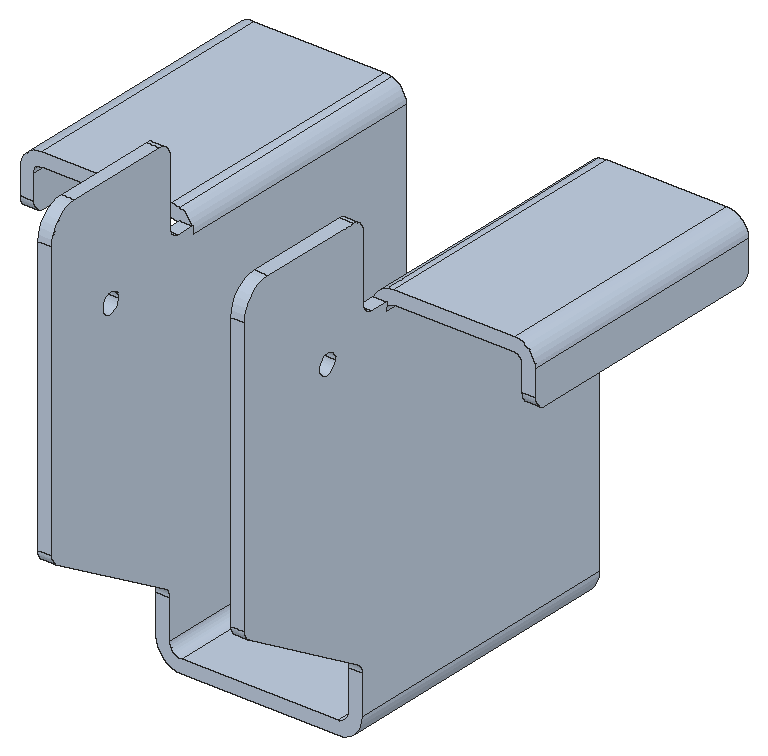
Revit family "HNDS", category 機械設備, Revit 2020
Family settings
  丸型コネクタ寸法 = 直径を使用
  種別 = なし
  パーツ タイプ = 標準
  作業面ベース = いいえ
  常に垂直 = はい
  ロード時にボイドで切り取り = いいえ
  共有 = はい
  部屋計算ポイント = いいえ
Parameters (values of type "ﾊﾈﾀﾞｼｻﾎﾟｰﾄ　C65用")
  ﾊﾈﾀﾞｼｻﾎﾟｰﾄ ﾏﾃﾘｱﾙ [instance] = 溶融亜鉛メッキ
  製造元 = "株式会社サンユー"
  既定の高さ = 0 mm
  W = 30.4 mm
  URL = "http://www.3you.co.jp/"
  H = 65 mm
Types (4, lengths in mm): name | W | H
  (no name) | 30.4 | 65
  ﾊﾈﾀﾞｼｻﾎﾟｰﾄ　C65用 | 30.4 | 65
  ﾊﾈﾀﾞｼｻﾎﾟｰﾄ　C75用 | 45.4 | 75
  ﾊﾈﾀﾞｼｻﾎﾟｰﾄ　C100用 | 50.4 | 100
Reference planes
  plane 1 "中心(正面/背面)": y = 0
  plane 2: z = 0
  plane 3 "中心(左/右)": x = 0
  plane 4: x = -15.2
  plane 5: x = 15.2
  plane 6: x = -44.5
  plane 7: x = 42.8
  plane 8: z = -2.3
  plane 9: z = -56.432
  plane 10: z = -65
  plane 11: z = -67.3
  plane 12: x = -42.2
  plane 13: x = -17.5
  plane 14: x = 17.5
  plane 15: x = 40.5
  plane 16: y = 25
Forms (mm)
  Extrusion 1, solid, material "溶融亜鉛メッキ" <- "ﾊﾈﾀﾞｼｻﾎﾟｰﾄ ﾏﾃﾘｱﾙ"
    sketch origin (0, 0, 0) x (1, 0, 0) y (0, 0, 1)
      loop
        arc (39.2, -2.3) -> (40.119, -2.681) -> (40.5, -3.6) r 1.3
        line (40.5, -3.6) -> (40.5, -10) -> (42.8, -10) -> (42.8, -3.6)
        arc (42.8, -3.6) -> (41.746, -1.054) -> (39.2, 0) r 3.6
        line (39.2, 0) -> (18.8, 0)
        arc (18.8, 0) -> (18.139, -0.061) -> (17.5, -0.243) r 3.6
        arc (17.5, -0.243) -> (15.83, -1.565) -> (15.2, -3.6) r 3.6
        line (15.2, -3.6) -> (17.5, -3.6)
        arc (17.5, -3.6) -> (17.881, -2.681) -> (18.8, -2.3) r 1.3
        line (18.8, -2.3) -> (39.2, -2.3)
    from -5 to -50
  Extrusion 2, solid, material "溶融亜鉛メッキ" <- "ﾊﾈﾀﾞｼｻﾎﾟｰﾄ ﾏﾃﾘｱﾙ"
    sketch origin (0, 0, 0) x (1, 0, 0) y (0, 0, 1)
      loop
        arc (-18.8, -2.3) -> (-17.881, -2.681) -> (-17.5, -3.6) r 1.3
        line (-17.5, -3.6) -> (-15.2, -3.6)
        arc (-15.2, -3.6) -> (-15.83, -1.565) -> (-17.5, -0.243) r 3.6
        arc (-17.5, -0.243) -> (-18.139, -0.061) -> (-18.8, 0) r 3.6
        line (-18.8, 0) -> (-40.9, 0)
        arc (-40.9, 0) -> (-43.446, -1.054) -> (-44.5, -3.6) r 3.6
        line (-44.5, -3.6) -> (-44.5, -10) -> (-42.2, -10) -> (-42.2, -3.6)
        arc (-42.2, -3.6) -> (-41.819, -2.681) -> (-40.9, -2.3) r 1.3
        line (-40.9, -2.3) -> (-18.8, -2.3)
    from -5 to -50
  Extrusion 3, solid, material "溶融亜鉛メッキ" <- "ﾊﾈﾀﾞｼｻﾎﾟｰﾄ ﾏﾃﾘｱﾙ"
    sketch origin (0, 0, 0) x (1, 0, 0) y (0, 0, 1)
      loop
        arc (-13.2, -65) -> (-14.614, -64.414) -> (-15.2, -63) r 2
        line (-15.2, -63) -> (-17.5, -63)
        arc (-17.5, -63) -> (-16.241, -66.041) -> (-13.2, -67.3) r 4.3
        line (-13.2, -67.3) -> (13.2, -67.3)
        arc (13.2, -67.3) -> (16.241, -66.041) -> (17.5, -63) r 4.3
        line (17.5, -63) -> (15.2, -63)
        arc (15.2, -63) -> (14.614, -64.414) -> (13.2, -65) r 2
        line (13.2, -65) -> (-13.2, -65)
    from 0 to -50
  Extrusion 4, void
    sketch origin (0, 0, 0) x (1, 0, 0) y (0, 1, 0)
      loop
        circle (0, 25) r 2.5
    from -65 to -67.3
  Extrusion 5, solid, material "溶融亜鉛メッキ" <- "ﾊﾈﾀﾞｼｻﾎﾟｰﾄ ﾏﾃﾘｱﾙ"
    sketch origin (0, 0, 0) x (0, 1, 0) y (0, 0, 1)
      loop
        arc (0, 10.7) -> (-0.586, 12.114) -> (-2, 12.7) r 2
        line (-2, 12.7) -> (-20, 12.7)
        arc (-20, 12.7) -> (-23.536, 11.236) -> (-25, 7.7) r 5
        line (-25, 7.7) -> (-25, -39.168)
        arc (-25, -39.168) -> (-24.74, -40.153) -> (-24.029, -40.883) r 2
        line (-24.029, -40.883) -> (-0.971, -54.717)
        arc (-0.971, -54.717) -> (-0.26, -55.447) -> (0, -56.432) r 2
        line (0, -56.432) -> (0, -63) -> (50, -63) -> (50, -3.6) -> (5, -3.6) -> (5, -2.3) -> (2, -2.3)
        arc (2, -2.3) -> (0.586, -1.714) -> (0, -0.3) r 2
        line (0, -0.3) -> (0, 10.7)
      loop
        circle (-7.5, -6.3) r 1.75
    from 15.2 to 17.5
  Extrusion 6, solid, material "溶融亜鉛メッキ" <- "ﾊﾈﾀﾞｼｻﾎﾟｰﾄ ﾏﾃﾘｱﾙ"
    sketch origin (0, 0, 0) x (0, 1, 0) y (0, 0, 1)
      loop
        arc (0, 10.7) -> (-0.586, 12.114) -> (-2, 12.7) r 2
        line (-2, 12.7) -> (-20, 12.7)
        arc (-20, 12.7) -> (-23.536, 11.236) -> (-25, 7.7) r 5
        line (-25, 7.7) -> (-25, -39.168)
        arc (-25, -39.168) -> (-24.74, -40.153) -> (-24.029, -40.883) r 2
        line (-24.029, -40.883) -> (-0.971, -54.717)
        arc (-0.971, -54.717) -> (-0.26, -55.447) -> (0, -56.432) r 2
        line (0, -56.432) -> (0, -63) -> (50, -63) -> (50, -3.6) -> (5, -3.6) -> (5, -2.3) -> (2, -2.3)
        arc (2, -2.3) -> (0.586, -1.714) -> (0, -0.3) r 2
        line (0, -0.3) -> (0, 10.7)
      loop
        circle (-12.5, -6.3) r 1.75
    from -15.2 to -17.5
  Extrusion 7, void
    sketch origin (0, 0, 0) x (0, 1, 0) y (0, 0, 1)
      loop
        line (48, -10) -> (50, -10) -> (50, -8)
        arc (50, -8) -> (49.414, -9.414) -> (48, -10) r 2
      loop
        line (5, -8) -> (5, -10) -> (7, -10)
        arc (7, -10) -> (5.586, -9.414) -> (5, -8) r 2
    from 40.5 to 42.8
  Extrusion 8, void
    sketch origin (0, 0, 0) x (0, 1, 0) y (0, 0, -1)
      loop
        arc (48, 10) -> (49.414, 9.414) -> (50, 8) r 2
        line (50, 8) -> (50, 10) -> (48, 10)
      loop
        arc (5, 8) -> (5.586, 9.414) -> (7, 10) r 2
        line (7, 10) -> (5, 10) -> (5, 8)
    from 42.2 to 44.5
Cuts and joins
  Extrusion 7, Extrusion 8 cuts Extrusion 1
  Extrusion 7, Extrusion 8 cuts Extrusion 2
  Extrusion 4, Extrusion 7, Extrusion 8 cuts Extrusion 3
  Extrusion 7, Extrusion 8 cuts Extrusion 5
  Extrusion 7, Extrusion 8 cuts Extrusion 6
  joined: Extrusion 1, Extrusion 2, Extrusion 3, Extrusion 5, Extrusion 6
Dimensions and locks
  level to cut or joined group 1 (Extrusion 1, Extrusion 2, Extrusion 3, Extrusion 4, Extrusion 5, Extrusion 6, Extrusion 7, Extrusion 8) = 2.3 mm
  "H": level to plane 10
  locked: plane 10 to plane 11 at 2.3
  equal spacing: plane 5, plane 3 "中心(左/右)", plane 4
  plane 13 to plane 12 to plane 6 = 24.7 mm locked, 2.3 mm locked
  plane 7 to plane 15 to plane 14 = 2.3 mm locked, 23 mm locked
  plane 4 to plane 13 = 2.3 mm
  locked: plane 14 to plane 5 at 2.3
  "W": plane 5 to plane 4
  aligned and locked: plane 2 to level
  aligned and locked: plane 12 to cut or joined group 1  (x2)
  aligned and locked: plane 4 to cut or joined group 1
  aligned and locked: plane 13 to cut or joined group 1  (x2)
  aligned and locked: plane 5 to cut or joined group 1  (x2)
  aligned and locked: plane 14 to cut or joined group 1
  aligned and locked: plane 6 to cut or joined group 1
  aligned and locked: cut or joined group 1 to plane 4
  aligned and locked: cut or joined group 1 to plane 14
  aligned and locked: cut or joined group 1 to plane 15
  aligned and locked: plane 7 to cut or joined group 1
  aligned and locked: plane 10 to cut or joined group 1
  aligned and locked: cut or joined group 1 to plane 11
  aligned and locked: plane 10 to Extrusion 4
  aligned and locked: Extrusion 4 to plane 11
  aligned and locked: plane 7 to Extrusion 7
  aligned and locked: cut or joined group 1 to plane 6
  aligned and locked: Extrusion 8 to plane 6
  aligned and locked: plane 12 to Extrusion 8
  aligned and locked: Extrusion 7 to plane 7
  aligned and locked: Extrusion 7 to plane 15
Automatic sketch dimensions
  Extrusion 1 sketch curve to Extrusion 1 sketch curve = 0 mm  (x8)
  Extrusion 1 sketch curve to plane 5 = 0 mm
  Extrusion 1 sketch curve to plane 14 = 0 mm  (x2)
  Extrusion 1 sketch curve to plane 8 = 0 mm
  Extrusion 1 sketch curve to plane 15 = 0 mm
  Extrusion 1 sketch curve to Extrusion 1 sketch curve = 1.3 mm
  Extrusion 1 sketch curve to plane 15 = 1.3 mm
  Extrusion 1 sketch curve to Extrusion 1 sketch curve = 6.4 mm
  Extrusion 2 sketch curve to Extrusion 2 sketch curve = 0 mm  (x8)
  Extrusion 2 sketch curve to plane 6 = 0 mm
  Extrusion 2 sketch curve to plane 12 = 0 mm
  Extrusion 2 sketch curve to plane 8 = 0 mm
  Extrusion 2 sketch curve to plane 13 = 0 mm  (x2)
  Extrusion 2 sketch curve to Extrusion 2 sketch curve = 1.3 mm
  Extrusion 2 sketch curve to plane 13 = 1.3 mm
  Extrusion 2 sketch curve to Extrusion 2 sketch curve = 6.4 mm
  Extrusion 3 sketch curve to Extrusion 3 sketch curve = 0 mm  (x4)
  Extrusion 3 sketch curve to plane 13 = 0 mm
  Extrusion 3 sketch curve to plane 4 = 0 mm
  Extrusion 3 sketch curve to plane 10 = 0 mm
  Extrusion 3 sketch curve to plane 5 = 0 mm
  Extrusion 3 sketch curve to Extrusion 3 sketch curve = 2 mm
  Extrusion 3 sketch curve to plane 5 = 2 mm
  Extrusion 4 sketch curve to plane 3 "中心(左/右)" = 0 mm
  Extrusion 4 sketch curve to plane 1 "中心(正面/背面)" = 25 mm
  Extrusion 5 sketch curve to plane 9 = 0 mm
  Extrusion 5 sketch curve to plane 1 "中心(正面/背面)" = 0 mm  (x2)
  Extrusion 5 sketch curve to plane 8 = 0 mm
  plane 1 "中心(正面/背面)" to Extrusion 5 sketch curve = 0.971 mm
  Extrusion 5 sketch curve to Extrusion 5 sketch curve = 2 mm  (x2)
  plane 1 "中心(正面/背面)" to Extrusion 5 sketch curve = 7.5 mm
  level to Extrusion 5 sketch curve = 7.7 mm
  Extrusion 5 sketch curve to Extrusion 5 sketch curve = 18 mm
  plane 1 "中心(正面/背面)" to Extrusion 5 sketch curve = 23 mm
  plane 9 to Extrusion 5 sketch curve = 15.55 mm
  Extrusion 5 sketch curve to Extrusion 5 sketch curve = 1.029 mm
  Extrusion 5 sketch curve to Extrusion 5 sketch curve = 0.971 mm
  Extrusion 5 sketch curve to plane 1 "中心(正面/背面)" = 2 mm
  Extrusion 5 sketch curve to Extrusion 5 sketch curve = 3 mm
  plane 10 to Extrusion 5 sketch curve = 2 mm
  Extrusion 5 sketch curve to Extrusion 5 sketch curve = 50 mm
  Extrusion 5 sketch curve to plane 8 = 4 mm
  Extrusion 5 sketch curve to plane 8 = 1.3 mm
  Extrusion 6 sketch curve to plane 9 = 0 mm
  Extrusion 6 sketch curve to plane 1 "中心(正面/背面)" = 0 mm  (x2)
  Extrusion 6 sketch curve to plane 8 = 0 mm
  plane 1 "中心(正面/背面)" to Extrusion 6 sketch curve = 0.971 mm
  plane 1 "中心(正面/背面)" to Extrusion 6 sketch curve = 2 mm
  Extrusion 6 sketch curve to Extrusion 6 sketch curve = 1.029 mm  (x2)
  Extrusion 6 sketch curve to plane 8 = 4 mm
  plane 1 "中心(正面/背面)" to Extrusion 6 sketch curve = 12.5 mm
  Extrusion 6 sketch curve to Extrusion 6 sketch curve = 18 mm
  plane 1 "中心(正面/背面)" to Extrusion 6 sketch curve = 23 mm
  plane 9 to Extrusion 6 sketch curve = 15.55 mm
  Extrusion 6 sketch curve to Extrusion 6 sketch curve = 5 mm
  Extrusion 6 sketch curve to plane 1 "中心(正面/背面)" = 2 mm
  Extrusion 6 sketch curve to Extrusion 6 sketch curve = 3 mm
  Extrusion 6 sketch curve to plane 8 = 1.3 mm
  Extrusion 6 sketch curve to Extrusion 6 sketch curve = 45 mm
  plane 10 to Extrusion 6 sketch curve = 2 mm
  level to Extrusion 6 sketch curve = 7.7 mm
  Extrusion 7 sketch curve to plane 1 "中心(正面/背面)" = 5 mm
  Extrusion 7 sketch curve to Extrusion 7 sketch curve = 2 mm  (x2)
  Extrusion 7 sketch curve to plane 8 = 5.7 mm
  Extrusion 7 sketch curve to Extrusion 7 sketch curve = 41 mm
  Extrusion 7 sketch curve to plane 8 = 7.7 mm
  Extrusion 8 sketch curve to plane 1 "中心(正面/背面)" = 5 mm
  Extrusion 8 sketch curve to Extrusion 8 sketch curve = 2 mm  (x2)
  Extrusion 8 sketch curve to plane 8 = 5.7 mm  (x2)
  Extrusion 8 sketch curve to Extrusion 8 sketch curve = 41 mm
  radius of Extrusion 4 sketch curve = 2.5 mm
  radius of Extrusion 5 sketch curve = 1.75 mm
  radius of Extrusion 6 sketch curve = 1.75 mm
